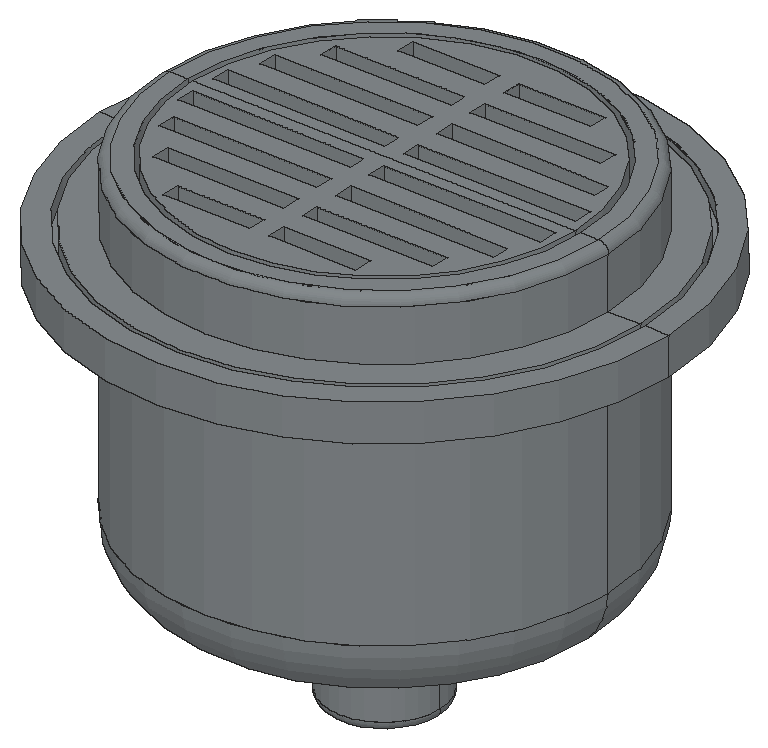
Revit family "2243", category Plumbing Fixtures, Revit 2021
Family settings
  Round Connector Dimension = Use Diameter
  Part Type = Normal
  OmniClass Number = 23.70.50.21.24
  OmniClass Title = Waste Water Drains
  Work Plane-Based = Yes
  Always vertical = No
  Cut with Voids When Loaded = No
  Shared = Yes
  Room Calculation Point = No
Parameters (values of type "2243C02")
  Waste Connection = yes
  Warranty Documentation Link = "https://www.jrsmith.com/uploads/docs/PG1A-Terms-and-Conditions.pdf"
  Vent Connection = no
  URL = "http://www.jrsmith.com"
  U - Vandal Proof Grate = no
  Type Comments = ""
  Trap Primer Connection -P050   1/2" (13) & -P075 3/4" (19) = no
  S - Square Top = no
  Quad Close Trap Seal = no
  Product Page URL = "https://www.jrsmith.com/product.aspx?ProductId=175"
  Product Documentation Link = "https://www.jrsmith.com/uploads/fileLibrary/d2240.pdf"
  PB - Polished Bronze Top = no
  Overall Height = 13"
  Outlet Radius = Outlet Diameter / 2  # 1"
  Outlet Diameter = 2"
  NB - Nickel Bronze Top = no
  Model = "2240"  # constant formula
  Manufacturer = "Jay R. Smith"  # constant formula
  LXH - Speedi-Set Extra Heavy - 02"(50), 03"(75) & 04"(100) sizes only = no
  L - Speedi-Set Service Weight - 02"(50), 03"(75) & 04"(100) sizes only = no
  Installation Type = "Floor Mounted"  # constant formula
  HW Connection = no
  G - Galvanized Cast Iron = no
  Drain Material = Metal-JayR.Smith-Cast_Iron-Duco_Coated
  Diameter = 15 1/4"
  Description = "Deep Body Medium Duty Floor Drains with 12in. Round Tops and Sediment Bucket"  # constant formula
  Default Elevation = 0"
  Creation Date = "03/16/2021"  # constant formula
  Connection Type = "Caulk Outlet Connection"
  CW Connection = no
  Assembly Code = "D2030300"
Types (16): name | Outlet Radius | Outlet Diameter | Connection Type
  (no name) | 1" | 2" | "Caulk Outlet Connection"
  2243C02 | 1" | 2" | "Caulk Outlet Connection"
  2243C03 | 1 1/2" | 3" | "Caulk Outlet Connection"
  2243C04 | 2" | 4" | "Caulk Outlet Connection"
  2243C05 | 2 1/2" | 5" | "Caulk Outlet Connection"
  2243C06 | 3" | 6" | "Caulk Outlet Connection"
  2243T02 | 1" | 2" | "Threaded Outlet Connection"
  2243T03 | 1 1/2" | 3" | "Threaded Outlet Connection"
  2243T04 | 2" | 4" | "Threaded Outlet Connection"
  2243T05 | 2 1/2" | 5" | "Threaded Outlet Connection"
  2243T06 | 3" | 6" | "Threaded Outlet Connection"
  2243Y02 | 1" | 2" | "No-HUB Outlet Connection"
  2243Y03 | 1 1/2" | 3" | "No-HUB Outlet Connection"
  2243Y04 | 2" | 4" | "No-HUB Outlet Connection"
  2243Y05 | 2 1/2" | 5" | "No-HUB Outlet Connection"
  2243Y06 | 3" | 6" | "No-HUB Outlet Connection"
Reference planes (in)
  plane 1 "Center (Front/Back)": y = 0
  plane 2: z = 0
  plane 3 "Center (Left/Right)": x = 0
  plane 4: x = 6
  plane 5: x = -6
  plane 6: x = -7.625
  plane 7: x = 7.625
  plane 8: z = -13
  plane 9: z = 0
  plane 10: z = -10.5
  plane 11: z = -2
Forms (in)
  Revolve 1, solid, material "Metal-JayR.Smith-Cast_Iron-Duco_Coated" <- "Drain Material"
    sketch origin (0, 0, -2) x (1, 0, 0) y (0, 0, 1)
      loop
        line (0, -8.5) -> (0, 2) -> (-5.75, 2)
        arc (-5.75, 2) -> (-5.92678, 1.92678) -> (-6, 1.75) r 0.25
        line (-6, 1.75) -> (-6, 0.3757) -> (-7.625, 0.3757) -> (-7.625, -0.6243) -> (-6, -0.92772) -> (-6, -6.38732)
        arc (-6, -6.38732) -> (-5.48744, -7.62476) -> (-4.25, -8.13732) r 1.75
        line (-4.25, -8.13732) -> (-3.92518, -8.13732)
        arc (-3.92518, -8.13732) -> (-3.81895, -8.39377) -> (-3.5625, -8.5) r 0.36268
        line (-3.5625, -8.5) -> (0, -8.5)
      axis (0, 2) -> (0, -8.5)
    angle from 0 to 360
  Extrusion 2, void
    sketch origin (0, 0, -2) x (1, 0, 0) y (0, 1, 0)
      loop
        line (3.75, -2.55894) -> (0.25, -2.55894) -> (0.25, -3.05894) -> (3.75, -3.05894) -> (3.75, -2.55894)
      loop
        line (4.5, -1.44171) -> (0.25, -1.44171) -> (0.25, -1.94171) -> (4.5, -1.94171) -> (4.5, -1.44171)
      loop
        line (4.86375, -0.32448) -> (0.25, -0.32448) -> (0.25, -0.82448) -> (4.86375, -0.82448) -> (4.86375, -0.32448)
      loop
        circle (0, 0) r 5.125
      loop
        line (3.75, 2.55894) -> (3.75, 3.05894) -> (0.25, 3.05894) -> (0.25, 2.55894) -> (3.75, 2.55894)
      loop
        line (4.5, 1.44171) -> (4.5, 1.94171) -> (0.25, 1.94171) -> (0.25, 1.44171) -> (4.5, 1.44171)
      loop
        line (4.86375, 0.32448) -> (4.86375, 0.82448) -> (0.25, 0.82448) -> (0.25, 0.32448) -> (4.86375, 0.32448)
      loop
        line (2.58469, 3.67617) -> (2.58469, 4.17617) -> (0.25, 4.17617) -> (0.25, 3.67617) -> (2.58469, 3.67617)
      loop
        line (2.58469, -3.67617) -> (0.25, -3.67617) -> (0.25, -4.17617) -> (2.58469, -4.17617) -> (2.58469, -3.67617)
      loop
        line (-3.75, -2.55894) -> (-3.75, -3.05894) -> (-0.25, -3.05894) -> (-0.25, -2.55894) -> (-3.75, -2.55894)
      loop
        line (-4.5, -1.44171) -> (-4.5, -1.94171) -> (-0.25, -1.94171) -> (-0.25, -1.44171) -> (-4.5, -1.44171)
      loop
        line (-4.86375, -0.32448) -> (-4.86375, -0.82448) -> (-0.25, -0.82448) -> (-0.25, -0.32448) -> (-4.86375, -0.32448)
      loop
        line (-3.75, 2.55894) -> (-0.25, 2.55894) -> (-0.25, 3.05894) -> (-3.75, 3.05894) -> (-3.75, 2.55894)
      loop
        line (-4.5, 1.44171) -> (-0.25, 1.44171) -> (-0.25, 1.94171) -> (-4.5, 1.94171) -> (-4.5, 1.44171)
      loop
        line (-4.86375, 0.32448) -> (-0.25, 0.32448) -> (-0.25, 0.82448) -> (-4.86375, 0.82448) -> (-4.86375, 0.32448)
      loop
        line (-2.58469, 3.67617) -> (-0.25, 3.67617) -> (-0.25, 4.17617) -> (-2.58469, 4.17617) -> (-2.58469, 3.67617)
      loop
        line (-2.58469, -3.67617) -> (-2.58469, -4.17617) -> (-0.25, -4.17617) -> (-0.25, -3.67617) -> (-2.58469, -3.67617)
      loop
        circle (0, 0) r 5.26921
      loop
        circle (0, 0) r 7
      loop
        circle (0, 0) r 6.86276
    from 0 to 2
  Revolve 3, solid, material "Metal-JayR.Smith-Cast_Iron-Duco_Coated" <- "Drain Material"
    sketch origin (0, 0, -2) x (1, 0, 0) y (0, 0, 1)
      loop
        line (1.5, -10.75) -> (1.5, 0) -> (1, 0) -> (1, -11) -> (1.25, -11)
        arc (1.25, -11) -> (1.42678, -10.92678) -> (1.5, -10.75) r 0.25
      axis (0, 0) -> (0, -11)
    angle from 0 to 360
Cuts and joins
  Extrusion 2 cuts Revolve 1
  Extrusion 2 cuts Revolve 3
Lines and regions (in)
  Masking region 1
    outline origin (0, 0, 0) x (1, 0, 0) y (0, 1, 0)
      loop
        circle (0, 0) r 7.625
  symbolic lines, detail levels medium+fine
    curve 1: line (-2.58469, 4.17617, 0) -> (-0.25, 4.17617, 0)
    curve 2: line (-0.25, 4.17617, 0) -> (-0.25, 3.67617, 0)
    curve 3: line (-0.25, 3.67617, 0) -> (-2.58469, 3.67617, 0)
    curve 4: line (-2.58469, 3.67617, 0) -> (-2.58469, 4.17617, 0)
    curve 5: line (-3.75, 3.05894, 0) -> (-0.25, 3.05894, 0)
    curve 6: line (-0.25, 3.05894, 0) -> (-0.25, 2.55894, 0)
    curve 7: line (-0.25, 2.55894, 0) -> (-3.75, 2.55894, 0)
    curve 8: line (-3.75, 2.55894, 0) -> (-3.75, 3.05894, 0)
    curve 9: line (-4.5, 1.94171, 0) -> (-0.25, 1.94171, 0)
    curve 10: line (-0.25, 1.94171, 0) -> (-0.25, 1.44171, 0)
    curve 11: line (-0.25, 1.44171, 0) -> (-4.5, 1.44171, 0)
    curve 12: line (-4.5, 1.44171, 0) -> (-4.5, 1.94171, 0)
    curve 13: line (-4.86375, 0.82448, 0) -> (-0.25, 0.82448, 0)
    curve 14: line (-0.25, 0.82448, 0) -> (-0.25, 0.32448, 0)
    curve 15: line (-0.25, 0.32448, 0) -> (-4.86375, 0.32448, 0)
    curve 16: line (-4.86375, 0.32448, 0) -> (-4.86375, 0.82448, 0)
    curve 17: line (-4.86375, -0.32448, 0) -> (-0.25, -0.32448, 0)
    curve 18: line (-0.25, -0.32448, 0) -> (-0.25, -0.82448, 0)
    curve 19: line (-0.25, -0.82448, 0) -> (-4.86375, -0.82448, 0)
    curve 20: line (-4.86375, -0.82448, 0) -> (-4.86375, -0.32448, 0)
    curve 21: line (-4.5, -1.44171, 0) -> (-0.25, -1.44171, 0)
    curve 22: line (-0.25, -1.44171, 0) -> (-0.25, -1.94171, 0)
    curve 23: line (-0.25, -1.94171, 0) -> (-4.5, -1.94171, 0)
    curve 24: line (-4.5, -1.94171, 0) -> (-4.5, -1.44171, 0)
    curve 25: line (-3.75, -2.55894, 0) -> (-0.25, -2.55894, 0)
    curve 26: line (-0.25, -2.55894, 0) -> (-0.25, -3.05894, 0)
    curve 27: line (-0.25, -3.05894, 0) -> (-3.75, -3.05894, 0)
    curve 28: line (-3.75, -3.05894, 0) -> (-3.75, -2.55894, 0)
    curve 29: line (-2.58469, -3.67617, 0) -> (-0.25, -3.67617, 0)
    curve 30: line (-0.25, -3.67617, 0) -> (-0.25, -4.17617, 0)
    curve 31: line (-0.25, -4.17617, 0) -> (-2.58469, -4.17617, 0)
    curve 32: line (-2.58469, -4.17617, 0) -> (-2.58469, -3.67617, 0)
    curve 33: line (2.58469, -4.17617, 0) -> (0.25, -4.17617, 0)
    curve 34: line (0.25, -4.17617, 0) -> (0.25, -3.67617, 0)
    curve 35: line (0.25, -3.67617, 0) -> (2.58469, -3.67617, 0)
    curve 36: line (2.58469, -3.67617, 0) -> (2.58469, -4.17617, 0)
    curve 37: line (3.75, -3.05894, 0) -> (0.25, -3.05894, 0)
    curve 38: line (0.25, -3.05894, 0) -> (0.25, -2.55894, 0)
    curve 39: line (0.25, -2.55894, 0) -> (3.75, -2.55894, 0)
    curve 40: line (3.75, -2.55894, 0) -> (3.75, -3.05894, 0)
    curve 41: line (0.25, -1.44171, 0) -> (4.5, -1.44171, 0)
    curve 42: line (4.5, -1.44171, 0) -> (4.5, -1.94171, 0)
    curve 43: line (4.5, -1.94171, 0) -> (0.25, -1.94171, 0)
    curve 44: line (0.25, -1.94171, 0) -> (0.25, -1.44171, 0)
    curve 45: line (4.86375, -0.82448, 0) -> (0.25, -0.82448, 0)
    curve 46: line (0.25, -0.82448, 0) -> (0.25, -0.32448, 0)
    curve 47: line (0.25, -0.32448, 0) -> (4.86375, -0.32448, 0)
    curve 48: line (4.86375, -0.32448, 0) -> (4.86375, -0.82448, 0)
    curve 49: line (0.25, 0.82448, 0) -> (4.86375, 0.82448, 0)
    curve 50: line (4.86375, 0.82448, 0) -> (4.86375, 0.32448, 0)
    curve 51: line (4.86375, 0.32448, 0) -> (0.25, 0.32448, 0)
    curve 52: line (0.25, 0.32448, 0) -> (0.25, 0.82448, 0)
    curve 53: line (0.25, 1.94171, 0) -> (4.5, 1.94171, 0)
    curve 54: line (4.5, 1.94171, 0) -> (4.5, 1.44171, 0)
    curve 55: line (4.5, 1.44171, 0) -> (0.25, 1.44171, 0)
    curve 56: line (0.25, 1.44171, 0) -> (0.25, 1.94171, 0)
    curve 57: line (3.75, 2.55894, 0) -> (0.25, 2.55894, 0)
    curve 58: line (0.25, 2.55894, 0) -> (0.25, 3.05894, 0)
    curve 59: line (0.25, 3.05894, 0) -> (3.75, 3.05894, 0)
    curve 60: line (3.75, 3.05894, 0) -> (3.75, 2.55894, 0)
    curve 61: line (0.25, 4.17617, 0) -> (2.58469, 4.17617, 0)
    curve 62: line (2.58469, 4.17617, 0) -> (2.58469, 3.67617, 0)
    curve 63: line (2.58469, 3.67617, 0) -> (0.25, 3.67617, 0)
    curve 64: line (0.25, 3.67617, 0) -> (0.25, 4.17617, 0)
    curve 65: circle (0, 0, 0) r 6 normal (0, 0, -1)
Dimensions and locks (in)
  equal spacing: plane 4, plane 3 "Center (Left/Right)", plane 5
  equal spacing: plane 6, plane 3 "Center (Left/Right)", plane 7
  plane 4 to plane 5 = 12"
  "Diameter": plane 6 to plane 7
  "Outlet Radius": Revolve 3 sketch curve to plane 3 "Center (Left/Right)"
  locked: Revolve 3 sketch curve to Revolve 3 sketch curve at 0.5
  plane 9 to plane 11 = 2"
  plane 11 to plane 8 = 11"
  locked: plane 11 to plane 10 at 8.5
  aligned and locked: Revolve 1 sketch curve to plane 3 "Center (Left/Right)"  (x2)
  aligned and locked: Revolve 3 sketch curve to plane 3 "Center (Left/Right)"
  aligned and locked: Revolve 1 sketch curve to plane 9
  aligned and locked: plane 9 to Extrusion 2
  aligned and locked: plane 10 to Revolve 1 sketch curve
  aligned and locked: plane 5 to Revolve 1 sketch curve
  aligned and locked: curve 65 to cut or joined group of Revolve 1, Extrusion 2
Automatic sketch dimensions
  plane 1 "Center (Front/Back)" to Masking region 1 sketch curve = 0"
  Masking region 1 sketch curve to plane 3 "Center (Left/Right)" = 0"
  plane 6 to Revolve 1 sketch curve = 0"
  Revolve 1 sketch curve to plane 5 = 0"
  Revolve 1 sketch curve to level = 1/4"
  Revolve 1 sketch curve to Revolve 1 sketch curve = 1 3/4"
  Revolve 1 sketch curve to Revolve 1 sketch curve = 0.32482"
  Revolve 1 sketch curve to Revolve 1 sketch curve = 0.36268"
  Revolve 1 sketch curve to Revolve 1 sketch curve = 2.67772"
  Revolve 1 sketch curve to Revolve 1 sketch curve = 0.30343"
  Revolve 1 sketch curve to Revolve 1 sketch curve = 1"
  Revolve 1 sketch curve to plane 8 = 11"
  plane 2 to Revolve 1 sketch curve = 12 3/4"
  Extrusion 2 sketch curve to Extrusion 2 sketch curve = 0"  (x21)
  plane 1 "Center (Front/Back)" to Extrusion 2 sketch curve = 0"
  Extrusion 2 sketch curve to plane 3 "Center (Left/Right)" = 0"
  Extrusion 2 sketch curve to plane 3 "Center (Left/Right)" = 1/4"  (x8)
  Extrusion 2 sketch curve to Extrusion 2 sketch curve = 2.33469"  (x4)
  Extrusion 2 sketch curve to Extrusion 2 sketch curve = 1.16531"  (x4)
  Extrusion 2 sketch curve to Extrusion 2 sketch curve = 3/4"  (x4)
  Extrusion 2 sketch curve to Extrusion 2 sketch curve = 0.36375"  (x2)
  Extrusion 2 sketch curve to plane 1 "Center (Front/Back)" = 0.32448"  (x2)
  plane 3 "Center (Left/Right)" to Extrusion 2 sketch curve = 1/4"  (x8)
  plane 4 to Extrusion 2 sketch curve = 1.13625"
  plane 1 "Center (Front/Back)" to Extrusion 2 sketch curve = 0.32448"  (x2)
  Extrusion 2 sketch curve to Extrusion 2 sketch curve = 1/2"  (x10)
  Extrusion 2 sketch curve to Extrusion 2 sketch curve = 0.61723"  (x10)
  curve 15 to plane 3 "Center (Left/Right)" = 1/4"
  curve 1 to plane 3 "Center (Left/Right)" = 1/4"
  curve 31 to plane 3 "Center (Left/Right)" = 1/4"
  curve 5 to plane 3 "Center (Left/Right)" = 1/4"
  curve 27 to plane 3 "Center (Left/Right)" = 1/4"
  curve 9 to plane 3 "Center (Left/Right)" = 1/4"
  curve 23 to plane 3 "Center (Left/Right)" = 1/4"
  curve 19 to plane 3 "Center (Left/Right)" = 1/4"
  curve 32 to curve 29 = 2.33469"
  curve 4 to curve 2 = 2.33469"
  curve 8 to curve 3 = 1.16531"
  curve 28 to curve 29 = 1.16531"
  curve 12 to curve 7 = 3/4"
  curve 24 to curve 25 = 3/4"
  curve 16 to plane 1 "Center (Front/Back)" = 0.32448"
  plane 5 to curve 16 = 1.13625"
  curve 20 to curve 15 = 0"
  plane 3 "Center (Left/Right)" to curve 33 = 1/4"
  plane 3 "Center (Left/Right)" to curve 52 = 1/4"
  plane 3 "Center (Left/Right)" to curve 64 = 1/4"
  plane 3 "Center (Left/Right)" to curve 37 = 1/4"
  plane 3 "Center (Left/Right)" to curve 55 = 1/4"
  plane 3 "Center (Left/Right)" to curve 41 = 1/4"
  plane 3 "Center (Left/Right)" to curve 59 = 1/4"
  plane 3 "Center (Left/Right)" to curve 45 = 1/4"
  curve 33 to curve 33 = 2.33469"
  curve 61 to curve 62 = 2.33469"
  curve 62 to curve 59 = 1.16531"
  curve 35 to curve 40 = 1.16531"
  curve 39 to curve 41 = 3/4"
  curve 57 to curve 53 = 3/4"
  plane 1 "Center (Front/Back)" to curve 47 = 0.32448"
  plane 4 to curve 47 = 1.13625"
  curve 54 to curve 50 = 0.36375"
  plane 1 "Center (Front/Back)" to curve 18 = 0.32448"
  curve 48 to curve 47 = 1/2"
  curve 18 to curve 45 = 0"
  curve 24 to curve 19 = 0.61723"
  curve 21 to curve 41 = 0"
  curve 24 to curve 21 = 1/2"
  curve 42 to curve 41 = 1/2"
  curve 28 to curve 23 = 0.61723"
  curve 25 to curve 38 = 0"
  curve 28 to curve 25 = 1/2"
  curve 26 to curve 38 = 0"
  curve 29 to curve 27 = 0.61723"
  curve 36 to curve 37 = 0.61723"
  curve 36 to curve 35 = 1/2"
  curve 30 to curve 33 = 0"
  curve 50 to plane 1 "Center (Front/Back)" = 0.32448"
  curve 15 to curve 13 = 1/2"
  curve 13 to curve 52 = 0"
  curve 13 to curve 10 = 0.61723"
  curve 10 to curve 56 = 0"
  curve 55 to curve 53 = 1/2"
  curve 11 to curve 12 = 1/2"
  curve 53 to curve 57 = 0.61723"
  curve 9 to curve 8 = 0.61723"
  curve 6 to curve 5 = 1/2"
  curve 57 to curve 60 = 1/2"
  curve 58 to curve 64 = 0.61723"
  curve 2 to curve 63 = 0"
  curve 62 to curve 62 = 1/2"
  curve 2 to curve 61 = 0"
  Revolve 3 sketch curve to plane 8 = 0"
  Revolve 3 sketch curve to plane 11 = 0"
  Revolve 3 sketch curve to Revolve 3 sketch curve = 1/4"
  Revolve 3 sketch curve to plane 8 = 1 1/4"
  Revolve 3 sketch curve to level = 1"
  radius of Masking region 1 sketch curve = 7 5/8"
  radius of Extrusion 2 sketch curve = 5 1/8"
  radius of Extrusion 2 sketch curve = 5.26921"
  radius of Extrusion 2 sketch curve = 7"
  radius of Extrusion 2 sketch curve = 6.86276"
Connectors (in)
  piping at (0, 0, -13), diameter 2, driven by "Outlet Diameter", driven by "Connection Type"
    settings: on Revolve 3, index 2, connector inside diameter 24", connector length 0", flow factor 0, pipe flow 0 GPM, pressure drop 0.00 psi, fitting loss kfactor 0, connector angle 0.00°, fixture units 0, engagement length 0", angle of deflection 0.00°, flow configuration 0, flow direction 2, fitting loss method 0, system type 16, joint type 0, gender type 0, connector reference index -1, connector utility 0, adjustable connector no, is connector primary yes, connector description "Caulk Outlet Connection"
